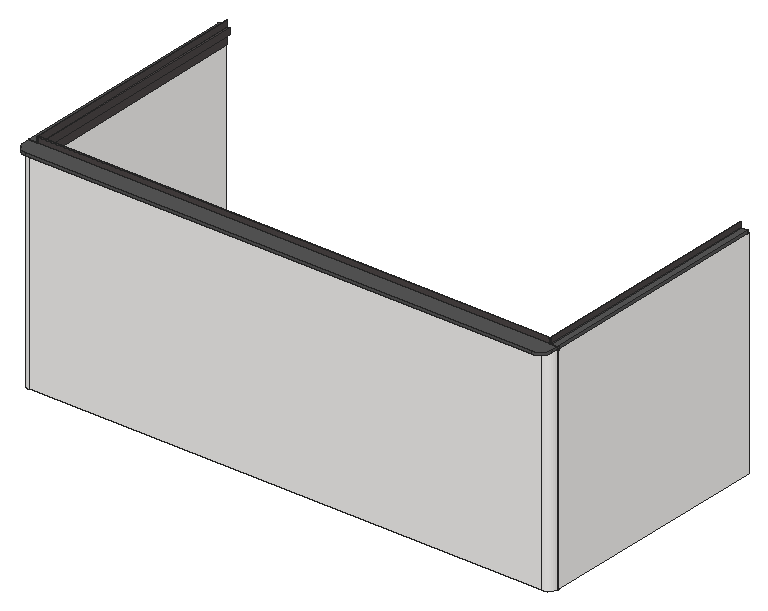
Revit family "vanity unit with 1 drawers for consoles with countertop basin ground", category Furniture, Revit 2019
Family settings
  OmniClass Number = 23.21.19.15.33.13
  Work Plane-Based = No
  Always vertical = Yes
  Cut with Voids When Loaded = No
  Shared = Yes
  Room Calculation Point = No
Parameters (values of type "Vanity unit 1180_550 with 1 drawer for consoles with countertop basin ground-54062670-High Gloss White-MATT_BLACK-400")
  etim7_EC011381 = "EC011381"
  WEIGHT = "34.3"
  Vanity unit 980_550 with 1 drawer for consoles with countertop basin ground-54061700-Dark Walnut-MATT_WHITE-400_RX0RY0RZ0TX0TY0TZ0_V = no
  Vanity unit 980_550 with 1 drawer for consoles with countertop basin ground-54061700-Dark Walnut-MATT_WHITE-200_RX0RY0RZ0TX0TY0TZ0_V = no
  Vanity unit 980_550 with 1 drawer for consoles with countertop basin ground-54061670-Dark Walnut-MATT_BLACK-400_RX0RY0RZ0TX0TY0TZ0_V = no
  Vanity unit 980_550 with 1 drawer for consoles with countertop basin ground-54061670-Dark Walnut-MATT_BLACK-200_RX0RY0RZ0TX0TY0TZ0_V = no
  Vanity unit 980_550 with 1 drawer for consoles with countertop basin ground-54061000-Dark Walnut-CHROME-400_RX0RY0RZ0TX0TY0TZ0_V = no
  Vanity unit 980_550 with 1 drawer for consoles with countertop basin ground-54061000-Dark Walnut-CHROME-200_RX0RY0RZ0TX0TY0TZ0_V = no
  Vanity unit 980_550 with 1 drawer for consoles with countertop basin ground-54060700-Natural Oak-MATT_WHITE-400_RX0RY0RZ0TX0TY0TZ0_V = no
  Vanity unit 980_550 with 1 drawer for consoles with countertop basin ground-54060700-Natural Oak-MATT_WHITE-200_RX0RY0RZ0TX0TY0TZ0_V = no
  Vanity unit 980_550 with 1 drawer for consoles with countertop basin ground-54060670-Natural Oak-MATT_BLACK-400_RX0RY0RZ0TX0TY0TZ0_V = no
  Vanity unit 980_550 with 1 drawer for consoles with countertop basin ground-54060670-Natural Oak-MATT_BLACK-200_RX0RY0RZ0TX0TY0TZ0_V = no
  Vanity unit 980_550 with 1 drawer for consoles with countertop basin ground-54060000-Natural Oak-CHROME-400_RX0RY0RZ0TX0TY0TZ0_V = no
  Vanity unit 980_550 with 1 drawer for consoles with countertop basin ground-54060000-Natural Oak-CHROME-200_RX0RY0RZ0TX0TY0TZ0_V = no
  Vanity unit 980_550 with 1 drawer for consoles with countertop basin ground-54059700-Diamond Matt Grey-MATT_WHITE-400_RX0RY0RZ0TX0TY0TZ0_V = no
  Vanity unit 980_550 with 1 drawer for consoles with countertop basin ground-54059700-Diamond Matt Grey-MATT_WHITE-200_RX0RY0RZ0TX0TY0TZ0_V = no
  Vanity unit 980_550 with 1 drawer for consoles with countertop basin ground-54059670-Diamond Matt Grey-MATT_BLACK-400_RX0RY0RZ0TX0TY0TZ0_V = no
  Vanity unit 980_550 with 1 drawer for consoles with countertop basin ground-54059670-Diamond Matt Grey-MATT_BLACK-200_RX0RY0RZ0TX0TY0TZ0_V = no
  Vanity unit 980_550 with 1 drawer for consoles with countertop basin ground-54059000-Diamond Matt Grey-CHROME-400_RX0RY0RZ0TX0TY0TZ0_V = no
  Vanity unit 980_550 with 1 drawer for consoles with countertop basin ground-54059000-Diamond Matt Grey-CHROME-200_RX0RY0RZ0TX0TY0TZ0_V = no
  Vanity unit 980_550 with 1 drawer for consoles with countertop basin ground-54058700-High Gloss White-MATT_WHITE-400_RX0RY0RZ0TX0TY0TZ0_V = no
  Vanity unit 980_550 with 1 drawer for consoles with countertop basin ground-54058700-High Gloss White-MATT_WHITE-200_RX0RY0RZ0TX0TY0TZ0_V = no
  Vanity unit 980_550 with 1 drawer for consoles with countertop basin ground-54058670-High Gloss White-MATT_BLACK-400_RX0RY0RZ0TX0TY0TZ0_V = no
  Vanity unit 980_550 with 1 drawer for consoles with countertop basin ground-54058670-High Gloss White-MATT_BLACK-200_RX0RY0RZ0TX0TY0TZ0_V = no
  Vanity unit 980_550 with 1 drawer for consoles with countertop basin ground-54058000-High Gloss White-CHROME-400_RX0RY0RZ0TX0TY0TZ0_V = no
  Vanity unit 980_550 with 1 drawer for consoles with countertop basin ground-54058000-High Gloss White-CHROME-200_RX0RY0RZ0TX0TY0TZ0_V = no
  Vanity unit 780_550 with 1 drawer for consoles with countertop basin ground-54057700-Dark Walnut-MATT_WHITE-400_RX0RY0RZ0TX0TY0TZ0_V = no
  Vanity unit 780_550 with 1 drawer for consoles with countertop basin ground-54057700-Dark Walnut-MATT_WHITE-200_RX0RY0RZ0TX0TY0TZ0_V = no
  Vanity unit 780_550 with 1 drawer for consoles with countertop basin ground-54057670-Dark Walnut-MATT_BLACK-400_RX0RY0RZ0TX0TY0TZ0_V = no
  Vanity unit 780_550 with 1 drawer for consoles with countertop basin ground-54057670-Dark Walnut-MATT_BLACK-200_RX0RY0RZ0TX0TY0TZ0_V = no
  Vanity unit 780_550 with 1 drawer for consoles with countertop basin ground-54057000-Dark Walnut-CHROME-400_RX0RY0RZ0TX0TY0TZ0_V = no
  Vanity unit 780_550 with 1 drawer for consoles with countertop basin ground-54057000-Dark Walnut-CHROME-200_RX0RY0RZ0TX0TY0TZ0_V = no
  Vanity unit 780_550 with 1 drawer for consoles with countertop basin ground-54056700-Natural Oak-MATT_WHITE-400_RX0RY0RZ0TX0TY0TZ0_V = no
  Vanity unit 780_550 with 1 drawer for consoles with countertop basin ground-54056700-Natural Oak-MATT_WHITE-200_RX0RY0RZ0TX0TY0TZ0_V = no
  Vanity unit 780_550 with 1 drawer for consoles with countertop basin ground-54056670-Natural Oak-MATT_BLACK-400_RX0RY0RZ0TX0TY0TZ0_V = no
  Vanity unit 780_550 with 1 drawer for consoles with countertop basin ground-54056670-Natural Oak-MATT_BLACK-200_RX0RY0RZ0TX0TY0TZ0_V = no
  Vanity unit 780_550 with 1 drawer for consoles with countertop basin ground-54056000-Natural Oak-CHROME-400_RX0RY0RZ0TX0TY0TZ0_V = no
  Vanity unit 780_550 with 1 drawer for consoles with countertop basin ground-54056000-Natural Oak-CHROME-200_RX0RY0RZ0TX0TY0TZ0_V = no
  Vanity unit 780_550 with 1 drawer for consoles with countertop basin ground-54055700-Diamond Matt Grey-MATT_WHITE-400_RX0RY0RZ0TX0TY0TZ0_V = no
  Vanity unit 780_550 with 1 drawer for consoles with countertop basin ground-54055700-Diamond Matt Grey-MATT_WHITE-200_RX0RY0RZ0TX0TY0TZ0_V = no
  Vanity unit 780_550 with 1 drawer for consoles with countertop basin ground-54055670-Diamond Matt Grey-MATT_BLACK-400_RX0RY0RZ0TX0TY0TZ0_V = no
  Vanity unit 780_550 with 1 drawer for consoles with countertop basin ground-54055670-Diamond Matt Grey-MATT_BLACK-200_RX0RY0RZ0TX0TY0TZ0_V = no
  Vanity unit 780_550 with 1 drawer for consoles with countertop basin ground-54055000-Diamond Matt Grey-CHROME-400_RX0RY0RZ0TX0TY0TZ0_V = no
  Vanity unit 780_550 with 1 drawer for consoles with countertop basin ground-54055000-Diamond Matt Grey-CHROME-200_RX0RY0RZ0TX0TY0TZ0_V = no
  Vanity unit 780_550 with 1 drawer for consoles with countertop basin ground-54054700-High Gloss White-MATT_WHITE-400_RX0RY0RZ0TX0TY0TZ0_V = no
  Vanity unit 780_550 with 1 drawer for consoles with countertop basin ground-54054700-High Gloss White-MATT_WHITE-200_RX0RY0RZ0TX0TY0TZ0_V = no
  Vanity unit 780_550 with 1 drawer for consoles with countertop basin ground-54054670-High Gloss White-MATT_BLACK-400_RX0RY0RZ0TX0TY0TZ0_V = no
  Vanity unit 780_550 with 1 drawer for consoles with countertop basin ground-54054670-High Gloss White-MATT_BLACK-200_RX0RY0RZ0TX0TY0TZ0_V = no
  Vanity unit 780_550 with 1 drawer for consoles with countertop basin ground-54054000-High Gloss White-CHROME-400_RX0RY0RZ0TX0TY0TZ0_V = no
  Vanity unit 780_550 with 1 drawer for consoles with countertop basin ground-54054000-High Gloss White-CHROME-200_RX0RY0RZ0TX0TY0TZ0_V = no
  Vanity unit 1180_550 with 1 drawer for consoles with countertop basin ground-54065700-Dark Walnut-MATT_WHITE-400_RX0RY0RZ0TX0TY0TZ0_V = no
  Vanity unit 1180_550 with 1 drawer for consoles with countertop basin ground-54065700-Dark Walnut-MATT_WHITE-200_RX0RY0RZ0TX0TY0TZ0_V = no
  Vanity unit 1180_550 with 1 drawer for consoles with countertop basin ground-54065670-Dark Walnut-MATT_BLACK-400_RX0RY0RZ0TX0TY0TZ0_V = no
  Vanity unit 1180_550 with 1 drawer for consoles with countertop basin ground-54065670-Dark Walnut-MATT_BLACK-200_RX0RY0RZ0TX0TY0TZ0_V = no
  Vanity unit 1180_550 with 1 drawer for consoles with countertop basin ground-54065000-Dark Walnut-CHROME-400_RX0RY0RZ0TX0TY0TZ0_V = no
  Vanity unit 1180_550 with 1 drawer for consoles with countertop basin ground-54065000-Dark Walnut-CHROME-200_RX0RY0RZ0TX0TY0TZ0_V = no
  Vanity unit 1180_550 with 1 drawer for consoles with countertop basin ground-54064700-Natural Oak-MATT_WHITE-400_RX0RY0RZ0TX0TY0TZ0_V = no
  Vanity unit 1180_550 with 1 drawer for consoles with countertop basin ground-54064700-Natural Oak-MATT_WHITE-200_RX0RY0RZ0TX0TY0TZ0_V = no
  Vanity unit 1180_550 with 1 drawer for consoles with countertop basin ground-54064670-Natural Oak-MATT_BLACK-400_RX0RY0RZ0TX0TY0TZ0_V = no
  Vanity unit 1180_550 with 1 drawer for consoles with countertop basin ground-54064670-Natural Oak-MATT_BLACK-200_RX0RY0RZ0TX0TY0TZ0_V = no
  Vanity unit 1180_550 with 1 drawer for consoles with countertop basin ground-54064000-Natural Oak-CHROME-400_RX0RY0RZ0TX0TY0TZ0_V = no
  Vanity unit 1180_550 with 1 drawer for consoles with countertop basin ground-54064000-Natural Oak-CHROME-200_RX0RY0RZ0TX0TY0TZ0_V = no
  Vanity unit 1180_550 with 1 drawer for consoles with countertop basin ground-54063700-Diamond Matt Grey-MATT_WHITE-400_RX0RY0RZ0TX0TY0TZ0_V = no
  Vanity unit 1180_550 with 1 drawer for consoles with countertop basin ground-54063700-Diamond Matt Grey-MATT_WHITE-200_RX0RY0RZ0TX0TY0TZ0_V = no
  Vanity unit 1180_550 with 1 drawer for consoles with countertop basin ground-54063670-Diamond Matt Grey-MATT_BLACK-400_RX0RY0RZ0TX0TY0TZ0_V = no
  Vanity unit 1180_550 with 1 drawer for consoles with countertop basin ground-54063670-Diamond Matt Grey-MATT_BLACK-200_RX0RY0RZ0TX0TY0TZ0_V = no
  Vanity unit 1180_550 with 1 drawer for consoles with countertop basin ground-54063000-Diamond Matt Grey-CHROME-400_RX0RY0RZ0TX0TY0TZ0_V = no
  Vanity unit 1180_550 with 1 drawer for consoles with countertop basin ground-54063000-Diamond Matt Grey-CHROME-200_RX0RY0RZ0TX0TY0TZ0_V = no
  Vanity unit 1180_550 with 1 drawer for consoles with countertop basin ground-54062700-High Gloss White-MATT_WHITE-400_RX0RY0RZ0TX0TY0TZ0_V = no
  Vanity unit 1180_550 with 1 drawer for consoles with countertop basin ground-54062700-High Gloss White-MATT_WHITE-200_RX0RY0RZ0TX0TY0TZ0_V = no
  Vanity unit 1180_550 with 1 drawer for consoles with countertop basin ground-54062670-High Gloss White-MATT_BLACK-400_RX0RY0RZ0TX0TY0TZ0_V = yes
  Vanity unit 1180_550 with 1 drawer for consoles with countertop basin ground-54062670-High Gloss White-MATT_BLACK-200_RX0RY0RZ0TX0TY0TZ0_V = no
  Vanity unit 1180_550 with 1 drawer for consoles with countertop basin ground-54062000-High Gloss White-CHROME-400_RX0RY0RZ0TX0TY0TZ0_V = no
  Vanity unit 1180_550 with 1 drawer for consoles with countertop basin ground-54062000-High Gloss White-CHROME-200_RX0RY0RZ0TX0TY0TZ0_V = no
  UNSPSC = "56 | Furniture and Furnishings"
  UNIFORMATII = "E2010 | Fixed Furnishings"
  UNICLASS_2015_CODE = "40_30_78_05"
  UNICLASS2015 = "Pr_40_30_78_05 | Bathroom furniture"
  SURFACE = "MATT_BLACK"
  SPECIFICATION = ""
  REGIONSET = "Worldwide"
  PRODUCTURL = "https://pro.hansgrohe.com/articledetail--54062000"
  PRODUCTGROUP = "vanity unit"
  PRODUCTFAMILY = "Xelu Q"
  PERMALINK = "54062XXX"
  OMNICLASS = "23-21 19 15 33 13 | Residential Bathroom Specialty Casework"
  OBJECTTYPE = "Object (single object)"
  OBERFLAECHE = "High Gloss White"
  NN = "Vanity Unit with 1 Drawers for consoles with countertop basin ground"
  NBSYN = "$BASENUMBER.-$ARTNR.-$OBERFLAECHE.-$SURFACE.-$LODLEVEL."
  NB = "Vanity unit 1180/550 with 1 drawer for consoles with countertop basin ground-54062670-High Gloss White-MATT_BLACK-400"
  NAME = "Xelu Q Vanity unit High Gloss White 1180/550 with 1 drawer for consoles with countertop basin ground"
  Model = "Vanity unit 1180/550 with 1 drawer for consoles with countertop basin ground-54062670-High Gloss White-MATT_BLACK-400"
  Manufacturer = "Hansgrohe"
  MIdent = "{$CADENAS_DATA/23d-libs/hansgrohe/xelu_furniture/vanity_unit_with_1_drawer_for_consoles_countertop/vanityunit_1_drawers_for_consoles_countertop.prj},445 {VTYP=3D},{NB=Vanity unit 1180/550 with 1 drawer for consoles with countertop basin ground-54062670-High Gloss White-MATT_BLACK-400},{LINA=Vanity unit 1180/550 with 1 drawer for consoles with countertop basin ground-54062670-High Gloss White-MATT_BLACK-400},{NN=Vanity Unit with 1 Drawers for consoles with countertop basin ground},{DATE=13.03.2023 03:04:52},{GEOMDATE=08.03.2023 14:00:04},{VERSION=},{LINEID=250},{WBVAR=LODLEVEL},{WBNUMERIC=}  {NB=Vanity unit 1180/550 with 1 drawer for consoles with countertop basin ground-54062670-High Gloss White-MATT_BLACK-400},{LINA=Vanity unit 1180/550 with 1 drawer for consoles with countertop basin ground-54062670-High Gloss White-MATT_BLACK-400},{KT=DUMMY},{IDNR=25},{ARTNR=54062670},{BASENUMBER=Vanity unit 1180/550 with 1 drawer for consoles with countertop basin ground},{MODEL=54062XXX},{OBERFLAECHE=High Gloss White},{SURFACE=MATT_BLACK},{L=1180},{LODLEVEL=400},{LODLEVELX='400','400','200','200'},{NAME=Xelu Q Vanity unit High Gloss White 1180/550 with 1 drawer for consoles with countertop basin ground},{PERMALINK=54062XXX},{OBJECTTYPE=Object (single object)},{BIMOBJECT=Sanitary: Compound units},{PRODUCTFAMILY=Xelu Q},{PRODUCTGROUP=vanity unit},{WEIGHT=34.3},{DESCRIPTION=Xelu Q Vanity unit High Gloss White 1180/550 with 1 drawer for consoles with countertop basin ground},{SPECIFICATION=},{PRODUCTURL=https://pro.hansgrohe.com/articledetail--54062000},{GTINCODE=4059625456095},{TENDERURL=},{IFC=Furnishing element},{ETIM=EC011381 | Bathroom furniture set},{UNICLASS2015=Pr_40_30_78_05 | Bathroom furniture},{OMNICLASS=23-21 19 15 33 13 | Residential Bathroom Specialty Casework},{MASTERFORMAT=12 35 30.23 | Bathroom Casework},{UNSPSC=56 | Furniture and Furnishings},{UNIFORMATII=E2010 | Fixed Furnishings},{REGIONSET=Worldwide},{DESIGN=Germany},{MANUFACTURER=Germany}"
  MASTERFORMAT = "12 35 30.23 | Bathroom Casework"
  LODLEVEL = "400"
  LINA = "Vanity unit 1180/550 with 1 drawer for consoles with countertop basin ground-54062670-High Gloss White-MATT_BLACK-400"
  L = 1180
  IFC = "Furnishing element"
  GTINCODE = "4059625456095"
  ETIM = "EC011381 | Bathroom furniture set"
  DESIGN = "Germany"
  CATALOG = "Hansgrohe"
  BIMOBJECT = "Sanitary: Compound units"
  BASENUMBER = "Vanity unit 1180/550 with 1 drawer for consoles with countertop basin ground"
  ARTNR = "54062670"
Reference planes
  plane 1 "Center (Front/Back)": y = 0
  plane 2: z = 0
  plane 3 "Center (Left/Right)": x = 0
Dimensions and locks
  aligned and locked: level to plane 2
Nested families
  nested 1: "vanity unit 1180_550 with 1 drawer for consoles with countertop basin ground-54062000-high gloss white-chrome-200_conten" at (0, 0, 0), visible <- "Vanity unit 1180_550 with 1 drawer for consoles with countertop basin ground-54062000-High Gloss White-CHROME-200_RX0RY0RZ0TX0TY0TZ0_V", ContentVisible <- "Vanity unit 1180_550 with 1 drawer for consoles with countertop basin ground-54062000-High Gloss White-CHROME-200_RX0RY0RZ0TX0TY0TZ0_V", type ""
    with ContentVisible no
  nested 2: "vanity unit 1180_550 with 1 drawer for consoles with countertop basin ground-54062000-high gloss white-chrome-400_conten" at (0, 0, 0), visible <- "Vanity unit 1180_550 with 1 drawer for consoles with countertop basin ground-54062000-High Gloss White-CHROME-400_RX0RY0RZ0TX0TY0TZ0_V", ContentVisible <- "Vanity unit 1180_550 with 1 drawer for consoles with countertop basin ground-54062000-High Gloss White-CHROME-400_RX0RY0RZ0TX0TY0TZ0_V", type ""
    with ContentVisible no
  nested 3: "vanity unit 1180_550 with 1 drawer for consoles with countertop basin ground-54062670-high gloss white-matt_black-200_co" at (0, 0, 0), visible <- "Vanity unit 1180_550 with 1 drawer for consoles with countertop basin ground-54062670-High Gloss White-MATT_BLACK-200_RX0RY0RZ0TX0TY0TZ0_V", ContentVisible <- "Vanity unit 1180_550 with 1 drawer for consoles with countertop basin ground-54062670-High Gloss White-MATT_BLACK-200_RX0RY0RZ0TX0TY0TZ0_V", type ""
    with ContentVisible no
  nested 4: "vanity unit 1180_550 with 1 drawer for consoles with countertop basin ground-54062670-high gloss white-matt_black-400_co" at (0, 0, 0), visible <- "Vanity unit 1180_550 with 1 drawer for consoles with countertop basin ground-54062670-High Gloss White-MATT_BLACK-400_RX0RY0RZ0TX0TY0TZ0_V", ContentVisible <- "Vanity unit 1180_550 with 1 drawer for consoles with countertop basin ground-54062670-High Gloss White-MATT_BLACK-400_RX0RY0RZ0TX0TY0TZ0_V", type "Vanity unit 1180_550 with 1 drawer for consoles with countertop basin ground-54062670-High Gloss White-MATT_BLACK-400_Co"
    with ContentVisible yes
  nested 5: "vanity unit 1180_550 with 1 drawer for consoles with countertop basin ground-54062700-high gloss white-matt_white-200_co" at (0, 0, 0), visible <- "Vanity unit 1180_550 with 1 drawer for consoles with countertop basin ground-54062700-High Gloss White-MATT_WHITE-200_RX0RY0RZ0TX0TY0TZ0_V", ContentVisible <- "Vanity unit 1180_550 with 1 drawer for consoles with countertop basin ground-54062700-High Gloss White-MATT_WHITE-200_RX0RY0RZ0TX0TY0TZ0_V", type ""
    with ContentVisible no
  nested 6: "vanity unit 1180_550 with 1 drawer for consoles with countertop basin ground-54062700-high gloss white-matt_white-400_co" at (0, 0, 0), visible <- "Vanity unit 1180_550 with 1 drawer for consoles with countertop basin ground-54062700-High Gloss White-MATT_WHITE-400_RX0RY0RZ0TX0TY0TZ0_V", ContentVisible <- "Vanity unit 1180_550 with 1 drawer for consoles with countertop basin ground-54062700-High Gloss White-MATT_WHITE-400_RX0RY0RZ0TX0TY0TZ0_V", type ""
    with ContentVisible no
  nested 7: "vanity unit 1180_550 with 1 drawer for consoles with countertop basin ground-54063000-diamond matt grey-chrome-200_conte" at (0, 0, 0), visible <- "Vanity unit 1180_550 with 1 drawer for consoles with countertop basin ground-54063000-Diamond Matt Grey-CHROME-200_RX0RY0RZ0TX0TY0TZ0_V", ContentVisible <- "Vanity unit 1180_550 with 1 drawer for consoles with countertop basin ground-54063000-Diamond Matt Grey-CHROME-200_RX0RY0RZ0TX0TY0TZ0_V", type ""
    with ContentVisible no
  nested 8: "vanity unit 1180_550 with 1 drawer for consoles with countertop basin ground-54063000-diamond matt grey-chrome-400_conte" at (0, 0, 0), visible <- "Vanity unit 1180_550 with 1 drawer for consoles with countertop basin ground-54063000-Diamond Matt Grey-CHROME-400_RX0RY0RZ0TX0TY0TZ0_V", ContentVisible <- "Vanity unit 1180_550 with 1 drawer for consoles with countertop basin ground-54063000-Diamond Matt Grey-CHROME-400_RX0RY0RZ0TX0TY0TZ0_V", type ""
    with ContentVisible no
  nested 9: "vanity unit 1180_550 with 1 drawer for consoles with countertop basin ground-54063670-diamond matt grey-matt_black-200_c" at (0, 0, 0), visible <- "Vanity unit 1180_550 with 1 drawer for consoles with countertop basin ground-54063670-Diamond Matt Grey-MATT_BLACK-200_RX0RY0RZ0TX0TY0TZ0_V", ContentVisible <- "Vanity unit 1180_550 with 1 drawer for consoles with countertop basin ground-54063670-Diamond Matt Grey-MATT_BLACK-200_RX0RY0RZ0TX0TY0TZ0_V", type ""
    with ContentVisible no
  nested 10: "vanity unit 1180_550 with 1 drawer for consoles with countertop basin ground-54063670-diamond matt grey-matt_black-400_c" at (0, 0, 0), visible <- "Vanity unit 1180_550 with 1 drawer for consoles with countertop basin ground-54063670-Diamond Matt Grey-MATT_BLACK-400_RX0RY0RZ0TX0TY0TZ0_V", ContentVisible <- "Vanity unit 1180_550 with 1 drawer for consoles with countertop basin ground-54063670-Diamond Matt Grey-MATT_BLACK-400_RX0RY0RZ0TX0TY0TZ0_V", type ""
    with ContentVisible no
  nested 11: "vanity unit 1180_550 with 1 drawer for consoles with countertop basin ground-54063700-diamond matt grey-matt_white-200_c" at (0, 0, 0), visible <- "Vanity unit 1180_550 with 1 drawer for consoles with countertop basin ground-54063700-Diamond Matt Grey-MATT_WHITE-200_RX0RY0RZ0TX0TY0TZ0_V", ContentVisible <- "Vanity unit 1180_550 with 1 drawer for consoles with countertop basin ground-54063700-Diamond Matt Grey-MATT_WHITE-200_RX0RY0RZ0TX0TY0TZ0_V", type ""
    with ContentVisible no
  nested 12: "vanity unit 1180_550 with 1 drawer for consoles with countertop basin ground-54063700-diamond matt grey-matt_white-400_c" at (0, 0, 0), visible <- "Vanity unit 1180_550 with 1 drawer for consoles with countertop basin ground-54063700-Diamond Matt Grey-MATT_WHITE-400_RX0RY0RZ0TX0TY0TZ0_V", ContentVisible <- "Vanity unit 1180_550 with 1 drawer for consoles with countertop basin ground-54063700-Diamond Matt Grey-MATT_WHITE-400_RX0RY0RZ0TX0TY0TZ0_V", type ""
    with ContentVisible no
  nested 13: "vanity unit 1180_550 with 1 drawer for consoles with countertop basin ground-54064000-natural oak-chrome-200_content" at (0, 0, 0), visible <- "Vanity unit 1180_550 with 1 drawer for consoles with countertop basin ground-54064000-Natural Oak-CHROME-200_RX0RY0RZ0TX0TY0TZ0_V", ContentVisible <- "Vanity unit 1180_550 with 1 drawer for consoles with countertop basin ground-54064000-Natural Oak-CHROME-200_RX0RY0RZ0TX0TY0TZ0_V", type ""
    with ContentVisible no
  nested 14: "vanity unit 1180_550 with 1 drawer for consoles with countertop basin ground-54064000-natural oak-chrome-400_content" at (0, 0, 0), visible <- "Vanity unit 1180_550 with 1 drawer for consoles with countertop basin ground-54064000-Natural Oak-CHROME-400_RX0RY0RZ0TX0TY0TZ0_V", ContentVisible <- "Vanity unit 1180_550 with 1 drawer for consoles with countertop basin ground-54064000-Natural Oak-CHROME-400_RX0RY0RZ0TX0TY0TZ0_V", type ""
    with ContentVisible no
  nested 15: "vanity unit 1180_550 with 1 drawer for consoles with countertop basin ground-54064670-natural oak-matt_black-200_content" at (0, 0, 0), visible <- "Vanity unit 1180_550 with 1 drawer for consoles with countertop basin ground-54064670-Natural Oak-MATT_BLACK-200_RX0RY0RZ0TX0TY0TZ0_V", ContentVisible <- "Vanity unit 1180_550 with 1 drawer for consoles with countertop basin ground-54064670-Natural Oak-MATT_BLACK-200_RX0RY0RZ0TX0TY0TZ0_V", type ""
    with ContentVisible no
  nested 16: "vanity unit 1180_550 with 1 drawer for consoles with countertop basin ground-54064670-natural oak-matt_black-400_content" at (0, 0, 0), visible <- "Vanity unit 1180_550 with 1 drawer for consoles with countertop basin ground-54064670-Natural Oak-MATT_BLACK-400_RX0RY0RZ0TX0TY0TZ0_V", ContentVisible <- "Vanity unit 1180_550 with 1 drawer for consoles with countertop basin ground-54064670-Natural Oak-MATT_BLACK-400_RX0RY0RZ0TX0TY0TZ0_V", type ""
    with ContentVisible no
  nested 17: "vanity unit 1180_550 with 1 drawer for consoles with countertop basin ground-54064700-natural oak-matt_white-200_content" at (0, 0, 0), visible <- "Vanity unit 1180_550 with 1 drawer for consoles with countertop basin ground-54064700-Natural Oak-MATT_WHITE-200_RX0RY0RZ0TX0TY0TZ0_V", ContentVisible <- "Vanity unit 1180_550 with 1 drawer for consoles with countertop basin ground-54064700-Natural Oak-MATT_WHITE-200_RX0RY0RZ0TX0TY0TZ0_V", type ""
    with ContentVisible no
  nested 18: "vanity unit 1180_550 with 1 drawer for consoles with countertop basin ground-54064700-natural oak-matt_white-400_content" at (0, 0, 0), visible <- "Vanity unit 1180_550 with 1 drawer for consoles with countertop basin ground-54064700-Natural Oak-MATT_WHITE-400_RX0RY0RZ0TX0TY0TZ0_V", ContentVisible <- "Vanity unit 1180_550 with 1 drawer for consoles with countertop basin ground-54064700-Natural Oak-MATT_WHITE-400_RX0RY0RZ0TX0TY0TZ0_V", type ""
    with ContentVisible no
  nested 19: "vanity unit 1180_550 with 1 drawer for consoles with countertop basin ground-54065000-dark walnut-chrome-200_content" at (0, 0, 0), visible <- "Vanity unit 1180_550 with 1 drawer for consoles with countertop basin ground-54065000-Dark Walnut-CHROME-200_RX0RY0RZ0TX0TY0TZ0_V", ContentVisible <- "Vanity unit 1180_550 with 1 drawer for consoles with countertop basin ground-54065000-Dark Walnut-CHROME-200_RX0RY0RZ0TX0TY0TZ0_V", type ""
    with ContentVisible no
  nested 20: "vanity unit 1180_550 with 1 drawer for consoles with countertop basin ground-54065000-dark walnut-chrome-400_content" at (0, 0, 0), visible <- "Vanity unit 1180_550 with 1 drawer for consoles with countertop basin ground-54065000-Dark Walnut-CHROME-400_RX0RY0RZ0TX0TY0TZ0_V", ContentVisible <- "Vanity unit 1180_550 with 1 drawer for consoles with countertop basin ground-54065000-Dark Walnut-CHROME-400_RX0RY0RZ0TX0TY0TZ0_V", type ""
    with ContentVisible no
  nested 21: "vanity unit 1180_550 with 1 drawer for consoles with countertop basin ground-54065670-dark walnut-matt_black-200_content" at (0, 0, 0), visible <- "Vanity unit 1180_550 with 1 drawer for consoles with countertop basin ground-54065670-Dark Walnut-MATT_BLACK-200_RX0RY0RZ0TX0TY0TZ0_V", ContentVisible <- "Vanity unit 1180_550 with 1 drawer for consoles with countertop basin ground-54065670-Dark Walnut-MATT_BLACK-200_RX0RY0RZ0TX0TY0TZ0_V", type ""
    with ContentVisible no
  nested 22: "vanity unit 1180_550 with 1 drawer for consoles with countertop basin ground-54065670-dark walnut-matt_black-400_content" at (0, 0, 0), visible <- "Vanity unit 1180_550 with 1 drawer for consoles with countertop basin ground-54065670-Dark Walnut-MATT_BLACK-400_RX0RY0RZ0TX0TY0TZ0_V", ContentVisible <- "Vanity unit 1180_550 with 1 drawer for consoles with countertop basin ground-54065670-Dark Walnut-MATT_BLACK-400_RX0RY0RZ0TX0TY0TZ0_V", type ""
    with ContentVisible no
  nested 23: "vanity unit 1180_550 with 1 drawer for consoles with countertop basin ground-54065700-dark walnut-matt_white-200_content" at (0, 0, 0), visible <- "Vanity unit 1180_550 with 1 drawer for consoles with countertop basin ground-54065700-Dark Walnut-MATT_WHITE-200_RX0RY0RZ0TX0TY0TZ0_V", ContentVisible <- "Vanity unit 1180_550 with 1 drawer for consoles with countertop basin ground-54065700-Dark Walnut-MATT_WHITE-200_RX0RY0RZ0TX0TY0TZ0_V", type ""
    with ContentVisible no
  nested 24: "vanity unit 1180_550 with 1 drawer for consoles with countertop basin ground-54065700-dark walnut-matt_white-400_content" at (0, 0, 0), visible <- "Vanity unit 1180_550 with 1 drawer for consoles with countertop basin ground-54065700-Dark Walnut-MATT_WHITE-400_RX0RY0RZ0TX0TY0TZ0_V", ContentVisible <- "Vanity unit 1180_550 with 1 drawer for consoles with countertop basin ground-54065700-Dark Walnut-MATT_WHITE-400_RX0RY0RZ0TX0TY0TZ0_V", type ""
    with ContentVisible no
  nested 25: "vanity unit 780_550 with 1 drawer for consoles with countertop basin ground-54054000-high gloss white-chrome-200_content" at (0, 0, 0), visible <- "Vanity unit 780_550 with 1 drawer for consoles with countertop basin ground-54054000-High Gloss White-CHROME-200_RX0RY0RZ0TX0TY0TZ0_V", ContentVisible <- "Vanity unit 780_550 with 1 drawer for consoles with countertop basin ground-54054000-High Gloss White-CHROME-200_RX0RY0RZ0TX0TY0TZ0_V", type ""
    with ContentVisible no
  nested 26: "vanity unit 780_550 with 1 drawer for consoles with countertop basin ground-54054000-high gloss white-chrome-400_content" at (0, 0, 0), visible <- "Vanity unit 780_550 with 1 drawer for consoles with countertop basin ground-54054000-High Gloss White-CHROME-400_RX0RY0RZ0TX0TY0TZ0_V", ContentVisible <- "Vanity unit 780_550 with 1 drawer for consoles with countertop basin ground-54054000-High Gloss White-CHROME-400_RX0RY0RZ0TX0TY0TZ0_V", type ""
    with ContentVisible no
  nested 27: "vanity unit 780_550 with 1 drawer for consoles with countertop basin ground-54054670-high gloss white-matt_black-200_con" at (0, 0, 0), visible <- "Vanity unit 780_550 with 1 drawer for consoles with countertop basin ground-54054670-High Gloss White-MATT_BLACK-200_RX0RY0RZ0TX0TY0TZ0_V", ContentVisible <- "Vanity unit 780_550 with 1 drawer for consoles with countertop basin ground-54054670-High Gloss White-MATT_BLACK-200_RX0RY0RZ0TX0TY0TZ0_V", type ""
    with ContentVisible no
  nested 28: "vanity unit 780_550 with 1 drawer for consoles with countertop basin ground-54054670-high gloss white-matt_black-400_con" at (0, 0, 0), visible <- "Vanity unit 780_550 with 1 drawer for consoles with countertop basin ground-54054670-High Gloss White-MATT_BLACK-400_RX0RY0RZ0TX0TY0TZ0_V", ContentVisible <- "Vanity unit 780_550 with 1 drawer for consoles with countertop basin ground-54054670-High Gloss White-MATT_BLACK-400_RX0RY0RZ0TX0TY0TZ0_V", type ""
    with ContentVisible no
  nested 29: "vanity unit 780_550 with 1 drawer for consoles with countertop basin ground-54054700-high gloss white-matt_white-200_con" at (0, 0, 0), visible <- "Vanity unit 780_550 with 1 drawer for consoles with countertop basin ground-54054700-High Gloss White-MATT_WHITE-200_RX0RY0RZ0TX0TY0TZ0_V", ContentVisible <- "Vanity unit 780_550 with 1 drawer for consoles with countertop basin ground-54054700-High Gloss White-MATT_WHITE-200_RX0RY0RZ0TX0TY0TZ0_V", type ""
    with ContentVisible no
  nested 30: "vanity unit 780_550 with 1 drawer for consoles with countertop basin ground-54054700-high gloss white-matt_white-400_con" at (0, 0, 0), visible <- "Vanity unit 780_550 with 1 drawer for consoles with countertop basin ground-54054700-High Gloss White-MATT_WHITE-400_RX0RY0RZ0TX0TY0TZ0_V", ContentVisible <- "Vanity unit 780_550 with 1 drawer for consoles with countertop basin ground-54054700-High Gloss White-MATT_WHITE-400_RX0RY0RZ0TX0TY0TZ0_V", type ""
    with ContentVisible no
  nested 31: "vanity unit 780_550 with 1 drawer for consoles with countertop basin ground-54055000-diamond matt grey-chrome-200_conten" at (0, 0, 0), visible <- "Vanity unit 780_550 with 1 drawer for consoles with countertop basin ground-54055000-Diamond Matt Grey-CHROME-200_RX0RY0RZ0TX0TY0TZ0_V", ContentVisible <- "Vanity unit 780_550 with 1 drawer for consoles with countertop basin ground-54055000-Diamond Matt Grey-CHROME-200_RX0RY0RZ0TX0TY0TZ0_V", type ""
    with ContentVisible no
  nested 32: "vanity unit 780_550 with 1 drawer for consoles with countertop basin ground-54055000-diamond matt grey-chrome-400_conten" at (0, 0, 0), visible <- "Vanity unit 780_550 with 1 drawer for consoles with countertop basin ground-54055000-Diamond Matt Grey-CHROME-400_RX0RY0RZ0TX0TY0TZ0_V", ContentVisible <- "Vanity unit 780_550 with 1 drawer for consoles with countertop basin ground-54055000-Diamond Matt Grey-CHROME-400_RX0RY0RZ0TX0TY0TZ0_V", type ""
    with ContentVisible no
  nested 33: "vanity unit 780_550 with 1 drawer for consoles with countertop basin ground-54055670-diamond matt grey-matt_black-200_co" at (0, 0, 0), visible <- "Vanity unit 780_550 with 1 drawer for consoles with countertop basin ground-54055670-Diamond Matt Grey-MATT_BLACK-200_RX0RY0RZ0TX0TY0TZ0_V", ContentVisible <- "Vanity unit 780_550 with 1 drawer for consoles with countertop basin ground-54055670-Diamond Matt Grey-MATT_BLACK-200_RX0RY0RZ0TX0TY0TZ0_V", type ""
    with ContentVisible no
  nested 34: "vanity unit 780_550 with 1 drawer for consoles with countertop basin ground-54055670-diamond matt grey-matt_black-400_co" at (0, 0, 0), visible <- "Vanity unit 780_550 with 1 drawer for consoles with countertop basin ground-54055670-Diamond Matt Grey-MATT_BLACK-400_RX0RY0RZ0TX0TY0TZ0_V", ContentVisible <- "Vanity unit 780_550 with 1 drawer for consoles with countertop basin ground-54055670-Diamond Matt Grey-MATT_BLACK-400_RX0RY0RZ0TX0TY0TZ0_V", type ""
    with ContentVisible no
  nested 35: "vanity unit 780_550 with 1 drawer for consoles with countertop basin ground-54055700-diamond matt grey-matt_white-200_co" at (0, 0, 0), visible <- "Vanity unit 780_550 with 1 drawer for consoles with countertop basin ground-54055700-Diamond Matt Grey-MATT_WHITE-200_RX0RY0RZ0TX0TY0TZ0_V", ContentVisible <- "Vanity unit 780_550 with 1 drawer for consoles with countertop basin ground-54055700-Diamond Matt Grey-MATT_WHITE-200_RX0RY0RZ0TX0TY0TZ0_V", type ""
    with ContentVisible no
  nested 36: "vanity unit 780_550 with 1 drawer for consoles with countertop basin ground-54055700-diamond matt grey-matt_white-400_co" at (0, 0, 0), visible <- "Vanity unit 780_550 with 1 drawer for consoles with countertop basin ground-54055700-Diamond Matt Grey-MATT_WHITE-400_RX0RY0RZ0TX0TY0TZ0_V", ContentVisible <- "Vanity unit 780_550 with 1 drawer for consoles with countertop basin ground-54055700-Diamond Matt Grey-MATT_WHITE-400_RX0RY0RZ0TX0TY0TZ0_V", type ""
    with ContentVisible no
  nested 37: "vanity unit 780_550 with 1 drawer for consoles with countertop basin ground-54056000-natural oak-chrome-200_content" at (0, 0, 0), visible <- "Vanity unit 780_550 with 1 drawer for consoles with countertop basin ground-54056000-Natural Oak-CHROME-200_RX0RY0RZ0TX0TY0TZ0_V", ContentVisible <- "Vanity unit 780_550 with 1 drawer for consoles with countertop basin ground-54056000-Natural Oak-CHROME-200_RX0RY0RZ0TX0TY0TZ0_V", type ""
    with ContentVisible no
  nested 38: "vanity unit 780_550 with 1 drawer for consoles with countertop basin ground-54056000-natural oak-chrome-400_content" at (0, 0, 0), visible <- "Vanity unit 780_550 with 1 drawer for consoles with countertop basin ground-54056000-Natural Oak-CHROME-400_RX0RY0RZ0TX0TY0TZ0_V", ContentVisible <- "Vanity unit 780_550 with 1 drawer for consoles with countertop basin ground-54056000-Natural Oak-CHROME-400_RX0RY0RZ0TX0TY0TZ0_V", type ""
    with ContentVisible no
  nested 39: "vanity unit 780_550 with 1 drawer for consoles with countertop basin ground-54056670-natural oak-matt_black-200_content" at (0, 0, 0), visible <- "Vanity unit 780_550 with 1 drawer for consoles with countertop basin ground-54056670-Natural Oak-MATT_BLACK-200_RX0RY0RZ0TX0TY0TZ0_V", ContentVisible <- "Vanity unit 780_550 with 1 drawer for consoles with countertop basin ground-54056670-Natural Oak-MATT_BLACK-200_RX0RY0RZ0TX0TY0TZ0_V", type ""
    with ContentVisible no
  nested 40: "vanity unit 780_550 with 1 drawer for consoles with countertop basin ground-54056670-natural oak-matt_black-400_content" at (0, 0, 0), visible <- "Vanity unit 780_550 with 1 drawer for consoles with countertop basin ground-54056670-Natural Oak-MATT_BLACK-400_RX0RY0RZ0TX0TY0TZ0_V", ContentVisible <- "Vanity unit 780_550 with 1 drawer for consoles with countertop basin ground-54056670-Natural Oak-MATT_BLACK-400_RX0RY0RZ0TX0TY0TZ0_V", type ""
    with ContentVisible no
  nested 41: "vanity unit 780_550 with 1 drawer for consoles with countertop basin ground-54056700-natural oak-matt_white-200_content" at (0, 0, 0), visible <- "Vanity unit 780_550 with 1 drawer for consoles with countertop basin ground-54056700-Natural Oak-MATT_WHITE-200_RX0RY0RZ0TX0TY0TZ0_V", ContentVisible <- "Vanity unit 780_550 with 1 drawer for consoles with countertop basin ground-54056700-Natural Oak-MATT_WHITE-200_RX0RY0RZ0TX0TY0TZ0_V", type ""
    with ContentVisible no
  nested 42: "vanity unit 780_550 with 1 drawer for consoles with countertop basin ground-54056700-natural oak-matt_white-400_content" at (0, 0, 0), visible <- "Vanity unit 780_550 with 1 drawer for consoles with countertop basin ground-54056700-Natural Oak-MATT_WHITE-400_RX0RY0RZ0TX0TY0TZ0_V", ContentVisible <- "Vanity unit 780_550 with 1 drawer for consoles with countertop basin ground-54056700-Natural Oak-MATT_WHITE-400_RX0RY0RZ0TX0TY0TZ0_V", type ""
    with ContentVisible no
  nested 43: "vanity unit 780_550 with 1 drawer for consoles with countertop basin ground-54057000-dark walnut-chrome-200_content" at (0, 0, 0), visible <- "Vanity unit 780_550 with 1 drawer for consoles with countertop basin ground-54057000-Dark Walnut-CHROME-200_RX0RY0RZ0TX0TY0TZ0_V", ContentVisible <- "Vanity unit 780_550 with 1 drawer for consoles with countertop basin ground-54057000-Dark Walnut-CHROME-200_RX0RY0RZ0TX0TY0TZ0_V", type ""
    with ContentVisible no
  nested 44: "vanity unit 780_550 with 1 drawer for consoles with countertop basin ground-54057000-dark walnut-chrome-400_content" at (0, 0, 0), visible <- "Vanity unit 780_550 with 1 drawer for consoles with countertop basin ground-54057000-Dark Walnut-CHROME-400_RX0RY0RZ0TX0TY0TZ0_V", ContentVisible <- "Vanity unit 780_550 with 1 drawer for consoles with countertop basin ground-54057000-Dark Walnut-CHROME-400_RX0RY0RZ0TX0TY0TZ0_V", type ""
    with ContentVisible no
  nested 45: "vanity unit 780_550 with 1 drawer for consoles with countertop basin ground-54057670-dark walnut-matt_black-200_content" at (0, 0, 0), visible <- "Vanity unit 780_550 with 1 drawer for consoles with countertop basin ground-54057670-Dark Walnut-MATT_BLACK-200_RX0RY0RZ0TX0TY0TZ0_V", ContentVisible <- "Vanity unit 780_550 with 1 drawer for consoles with countertop basin ground-54057670-Dark Walnut-MATT_BLACK-200_RX0RY0RZ0TX0TY0TZ0_V", type ""
    with ContentVisible no
  nested 46: "vanity unit 780_550 with 1 drawer for consoles with countertop basin ground-54057670-dark walnut-matt_black-400_content" at (0, 0, 0), visible <- "Vanity unit 780_550 with 1 drawer for consoles with countertop basin ground-54057670-Dark Walnut-MATT_BLACK-400_RX0RY0RZ0TX0TY0TZ0_V", ContentVisible <- "Vanity unit 780_550 with 1 drawer for consoles with countertop basin ground-54057670-Dark Walnut-MATT_BLACK-400_RX0RY0RZ0TX0TY0TZ0_V", type ""
    with ContentVisible no
  nested 47: "vanity unit 780_550 with 1 drawer for consoles with countertop basin ground-54057700-dark walnut-matt_white-200_content" at (0, 0, 0), visible <- "Vanity unit 780_550 with 1 drawer for consoles with countertop basin ground-54057700-Dark Walnut-MATT_WHITE-200_RX0RY0RZ0TX0TY0TZ0_V", ContentVisible <- "Vanity unit 780_550 with 1 drawer for consoles with countertop basin ground-54057700-Dark Walnut-MATT_WHITE-200_RX0RY0RZ0TX0TY0TZ0_V", type ""
    with ContentVisible no
  nested 48: "vanity unit 780_550 with 1 drawer for consoles with countertop basin ground-54057700-dark walnut-matt_white-400_content" at (0, 0, 0), visible <- "Vanity unit 780_550 with 1 drawer for consoles with countertop basin ground-54057700-Dark Walnut-MATT_WHITE-400_RX0RY0RZ0TX0TY0TZ0_V", ContentVisible <- "Vanity unit 780_550 with 1 drawer for consoles with countertop basin ground-54057700-Dark Walnut-MATT_WHITE-400_RX0RY0RZ0TX0TY0TZ0_V", type ""
    with ContentVisible no
  nested 49: "vanity unit 980_550 with 1 drawer for consoles with countertop basin ground-54058000-high gloss white-chrome-200_content" at (0, 0, 0), visible <- "Vanity unit 980_550 with 1 drawer for consoles with countertop basin ground-54058000-High Gloss White-CHROME-200_RX0RY0RZ0TX0TY0TZ0_V", ContentVisible <- "Vanity unit 980_550 with 1 drawer for consoles with countertop basin ground-54058000-High Gloss White-CHROME-200_RX0RY0RZ0TX0TY0TZ0_V", type ""
    with ContentVisible no
  nested 50: "vanity unit 980_550 with 1 drawer for consoles with countertop basin ground-54058000-high gloss white-chrome-400_content" at (0, 0, 0), visible <- "Vanity unit 980_550 with 1 drawer for consoles with countertop basin ground-54058000-High Gloss White-CHROME-400_RX0RY0RZ0TX0TY0TZ0_V", ContentVisible <- "Vanity unit 980_550 with 1 drawer for consoles with countertop basin ground-54058000-High Gloss White-CHROME-400_RX0RY0RZ0TX0TY0TZ0_V", type ""
    with ContentVisible no
  nested 51: "vanity unit 980_550 with 1 drawer for consoles with countertop basin ground-54058670-high gloss white-matt_black-200_con" at (0, 0, 0), visible <- "Vanity unit 980_550 with 1 drawer for consoles with countertop basin ground-54058670-High Gloss White-MATT_BLACK-200_RX0RY0RZ0TX0TY0TZ0_V", ContentVisible <- "Vanity unit 980_550 with 1 drawer for consoles with countertop basin ground-54058670-High Gloss White-MATT_BLACK-200_RX0RY0RZ0TX0TY0TZ0_V", type ""
    with ContentVisible no
  nested 52: "vanity unit 980_550 with 1 drawer for consoles with countertop basin ground-54058670-high gloss white-matt_black-400_con" at (0, 0, 0), visible <- "Vanity unit 980_550 with 1 drawer for consoles with countertop basin ground-54058670-High Gloss White-MATT_BLACK-400_RX0RY0RZ0TX0TY0TZ0_V", ContentVisible <- "Vanity unit 980_550 with 1 drawer for consoles with countertop basin ground-54058670-High Gloss White-MATT_BLACK-400_RX0RY0RZ0TX0TY0TZ0_V", type ""
    with ContentVisible no
  nested 53: "vanity unit 980_550 with 1 drawer for consoles with countertop basin ground-54058700-high gloss white-matt_white-200_con" at (0, 0, 0), visible <- "Vanity unit 980_550 with 1 drawer for consoles with countertop basin ground-54058700-High Gloss White-MATT_WHITE-200_RX0RY0RZ0TX0TY0TZ0_V", ContentVisible <- "Vanity unit 980_550 with 1 drawer for consoles with countertop basin ground-54058700-High Gloss White-MATT_WHITE-200_RX0RY0RZ0TX0TY0TZ0_V", type ""
    with ContentVisible no
  nested 54: "vanity unit 980_550 with 1 drawer for consoles with countertop basin ground-54058700-high gloss white-matt_white-400_con" at (0, 0, 0), visible <- "Vanity unit 980_550 with 1 drawer for consoles with countertop basin ground-54058700-High Gloss White-MATT_WHITE-400_RX0RY0RZ0TX0TY0TZ0_V", ContentVisible <- "Vanity unit 980_550 with 1 drawer for consoles with countertop basin ground-54058700-High Gloss White-MATT_WHITE-400_RX0RY0RZ0TX0TY0TZ0_V", type ""
    with ContentVisible no
  nested 55: "vanity unit 980_550 with 1 drawer for consoles with countertop basin ground-54059000-diamond matt grey-chrome-200_conten" at (0, 0, 0), visible <- "Vanity unit 980_550 with 1 drawer for consoles with countertop basin ground-54059000-Diamond Matt Grey-CHROME-200_RX0RY0RZ0TX0TY0TZ0_V", ContentVisible <- "Vanity unit 980_550 with 1 drawer for consoles with countertop basin ground-54059000-Diamond Matt Grey-CHROME-200_RX0RY0RZ0TX0TY0TZ0_V", type ""
    with ContentVisible no
  nested 56: "vanity unit 980_550 with 1 drawer for consoles with countertop basin ground-54059000-diamond matt grey-chrome-400_conten" at (0, 0, 0), visible <- "Vanity unit 980_550 with 1 drawer for consoles with countertop basin ground-54059000-Diamond Matt Grey-CHROME-400_RX0RY0RZ0TX0TY0TZ0_V", ContentVisible <- "Vanity unit 980_550 with 1 drawer for consoles with countertop basin ground-54059000-Diamond Matt Grey-CHROME-400_RX0RY0RZ0TX0TY0TZ0_V", type ""
    with ContentVisible no
  nested 57: "vanity unit 980_550 with 1 drawer for consoles with countertop basin ground-54059670-diamond matt grey-matt_black-200_co" at (0, 0, 0), visible <- "Vanity unit 980_550 with 1 drawer for consoles with countertop basin ground-54059670-Diamond Matt Grey-MATT_BLACK-200_RX0RY0RZ0TX0TY0TZ0_V", ContentVisible <- "Vanity unit 980_550 with 1 drawer for consoles with countertop basin ground-54059670-Diamond Matt Grey-MATT_BLACK-200_RX0RY0RZ0TX0TY0TZ0_V", type ""
    with ContentVisible no
  nested 58: "vanity unit 980_550 with 1 drawer for consoles with countertop basin ground-54059670-diamond matt grey-matt_black-400_co" at (0, 0, 0), visible <- "Vanity unit 980_550 with 1 drawer for consoles with countertop basin ground-54059670-Diamond Matt Grey-MATT_BLACK-400_RX0RY0RZ0TX0TY0TZ0_V", ContentVisible <- "Vanity unit 980_550 with 1 drawer for consoles with countertop basin ground-54059670-Diamond Matt Grey-MATT_BLACK-400_RX0RY0RZ0TX0TY0TZ0_V", type ""
    with ContentVisible no
  nested 59: "vanity unit 980_550 with 1 drawer for consoles with countertop basin ground-54059700-diamond matt grey-matt_white-200_co" at (0, 0, 0), visible <- "Vanity unit 980_550 with 1 drawer for consoles with countertop basin ground-54059700-Diamond Matt Grey-MATT_WHITE-200_RX0RY0RZ0TX0TY0TZ0_V", ContentVisible <- "Vanity unit 980_550 with 1 drawer for consoles with countertop basin ground-54059700-Diamond Matt Grey-MATT_WHITE-200_RX0RY0RZ0TX0TY0TZ0_V", type ""
    with ContentVisible no
  nested 60: "vanity unit 980_550 with 1 drawer for consoles with countertop basin ground-54059700-diamond matt grey-matt_white-400_co" at (0, 0, 0), visible <- "Vanity unit 980_550 with 1 drawer for consoles with countertop basin ground-54059700-Diamond Matt Grey-MATT_WHITE-400_RX0RY0RZ0TX0TY0TZ0_V", ContentVisible <- "Vanity unit 980_550 with 1 drawer for consoles with countertop basin ground-54059700-Diamond Matt Grey-MATT_WHITE-400_RX0RY0RZ0TX0TY0TZ0_V", type ""
    with ContentVisible no
  nested 61: "vanity unit 980_550 with 1 drawer for consoles with countertop basin ground-54060000-natural oak-chrome-200_content" at (0, 0, 0), visible <- "Vanity unit 980_550 with 1 drawer for consoles with countertop basin ground-54060000-Natural Oak-CHROME-200_RX0RY0RZ0TX0TY0TZ0_V", ContentVisible <- "Vanity unit 980_550 with 1 drawer for consoles with countertop basin ground-54060000-Natural Oak-CHROME-200_RX0RY0RZ0TX0TY0TZ0_V", type ""
    with ContentVisible no
  nested 62: "vanity unit 980_550 with 1 drawer for consoles with countertop basin ground-54060000-natural oak-chrome-400_content" at (0, 0, 0), visible <- "Vanity unit 980_550 with 1 drawer for consoles with countertop basin ground-54060000-Natural Oak-CHROME-400_RX0RY0RZ0TX0TY0TZ0_V", ContentVisible <- "Vanity unit 980_550 with 1 drawer for consoles with countertop basin ground-54060000-Natural Oak-CHROME-400_RX0RY0RZ0TX0TY0TZ0_V", type ""
    with ContentVisible no
  nested 63: "vanity unit 980_550 with 1 drawer for consoles with countertop basin ground-54060670-natural oak-matt_black-200_content" at (0, 0, 0), visible <- "Vanity unit 980_550 with 1 drawer for consoles with countertop basin ground-54060670-Natural Oak-MATT_BLACK-200_RX0RY0RZ0TX0TY0TZ0_V", ContentVisible <- "Vanity unit 980_550 with 1 drawer for consoles with countertop basin ground-54060670-Natural Oak-MATT_BLACK-200_RX0RY0RZ0TX0TY0TZ0_V", type ""
    with ContentVisible no
  nested 64: "vanity unit 980_550 with 1 drawer for consoles with countertop basin ground-54060670-natural oak-matt_black-400_content" at (0, 0, 0), visible <- "Vanity unit 980_550 with 1 drawer for consoles with countertop basin ground-54060670-Natural Oak-MATT_BLACK-400_RX0RY0RZ0TX0TY0TZ0_V", ContentVisible <- "Vanity unit 980_550 with 1 drawer for consoles with countertop basin ground-54060670-Natural Oak-MATT_BLACK-400_RX0RY0RZ0TX0TY0TZ0_V", type ""
    with ContentVisible no
  nested 65: "vanity unit 980_550 with 1 drawer for consoles with countertop basin ground-54060700-natural oak-matt_white-200_content" at (0, 0, 0), visible <- "Vanity unit 980_550 with 1 drawer for consoles with countertop basin ground-54060700-Natural Oak-MATT_WHITE-200_RX0RY0RZ0TX0TY0TZ0_V", ContentVisible <- "Vanity unit 980_550 with 1 drawer for consoles with countertop basin ground-54060700-Natural Oak-MATT_WHITE-200_RX0RY0RZ0TX0TY0TZ0_V", type ""
    with ContentVisible no
  nested 66: "vanity unit 980_550 with 1 drawer for consoles with countertop basin ground-54060700-natural oak-matt_white-400_content" at (0, 0, 0), visible <- "Vanity unit 980_550 with 1 drawer for consoles with countertop basin ground-54060700-Natural Oak-MATT_WHITE-400_RX0RY0RZ0TX0TY0TZ0_V", ContentVisible <- "Vanity unit 980_550 with 1 drawer for consoles with countertop basin ground-54060700-Natural Oak-MATT_WHITE-400_RX0RY0RZ0TX0TY0TZ0_V", type ""
    with ContentVisible no
  nested 67: "vanity unit 980_550 with 1 drawer for consoles with countertop basin ground-54061000-dark walnut-chrome-200_content" at (0, 0, 0), visible <- "Vanity unit 980_550 with 1 drawer for consoles with countertop basin ground-54061000-Dark Walnut-CHROME-200_RX0RY0RZ0TX0TY0TZ0_V", ContentVisible <- "Vanity unit 980_550 with 1 drawer for consoles with countertop basin ground-54061000-Dark Walnut-CHROME-200_RX0RY0RZ0TX0TY0TZ0_V", type ""
    with ContentVisible no
  nested 68: "vanity unit 980_550 with 1 drawer for consoles with countertop basin ground-54061000-dark walnut-chrome-400_content" at (0, 0, 0), visible <- "Vanity unit 980_550 with 1 drawer for consoles with countertop basin ground-54061000-Dark Walnut-CHROME-400_RX0RY0RZ0TX0TY0TZ0_V", ContentVisible <- "Vanity unit 980_550 with 1 drawer for consoles with countertop basin ground-54061000-Dark Walnut-CHROME-400_RX0RY0RZ0TX0TY0TZ0_V", type ""
    with ContentVisible no
  nested 69: "vanity unit 980_550 with 1 drawer for consoles with countertop basin ground-54061670-dark walnut-matt_black-200_content" at (0, 0, 0), visible <- "Vanity unit 980_550 with 1 drawer for consoles with countertop basin ground-54061670-Dark Walnut-MATT_BLACK-200_RX0RY0RZ0TX0TY0TZ0_V", ContentVisible <- "Vanity unit 980_550 with 1 drawer for consoles with countertop basin ground-54061670-Dark Walnut-MATT_BLACK-200_RX0RY0RZ0TX0TY0TZ0_V", type ""
    with ContentVisible no
  nested 70: "vanity unit 980_550 with 1 drawer for consoles with countertop basin ground-54061670-dark walnut-matt_black-400_content" at (0, 0, 0), visible <- "Vanity unit 980_550 with 1 drawer for consoles with countertop basin ground-54061670-Dark Walnut-MATT_BLACK-400_RX0RY0RZ0TX0TY0TZ0_V", ContentVisible <- "Vanity unit 980_550 with 1 drawer for consoles with countertop basin ground-54061670-Dark Walnut-MATT_BLACK-400_RX0RY0RZ0TX0TY0TZ0_V", type ""
    with ContentVisible no
  nested 71: "vanity unit 980_550 with 1 drawer for consoles with countertop basin ground-54061700-dark walnut-matt_white-200_content" at (0, 0, 0), visible <- "Vanity unit 980_550 with 1 drawer for consoles with countertop basin ground-54061700-Dark Walnut-MATT_WHITE-200_RX0RY0RZ0TX0TY0TZ0_V", ContentVisible <- "Vanity unit 980_550 with 1 drawer for consoles with countertop basin ground-54061700-Dark Walnut-MATT_WHITE-200_RX0RY0RZ0TX0TY0TZ0_V", type ""
    with ContentVisible no
  nested 72: "vanity unit 980_550 with 1 drawer for consoles with countertop basin ground-54061700-dark walnut-matt_white-400_content" at (0, 0, 0), visible <- "Vanity unit 980_550 with 1 drawer for consoles with countertop basin ground-54061700-Dark Walnut-MATT_WHITE-400_RX0RY0RZ0TX0TY0TZ0_V", ContentVisible <- "Vanity unit 980_550 with 1 drawer for consoles with countertop basin ground-54061700-Dark Walnut-MATT_WHITE-400_RX0RY0RZ0TX0TY0TZ0_V", type ""
    with ContentVisible no
Definition of nested family "vanity unit 1180_550 with 1 drawer for consoles with countertop basin ground-54062670-high gloss white-matt_black-400_co"
  Parameters (values of type "Vanity unit 1180_550 with 1 drawer for consoles with countertop basin ground-54062670-High Gloss White-MATT_BLACK-400_Co")
    etim7_EC011381 = "EC011381"
    WEIGHT = "34.3"
    UNSPSC = "56 | Furniture and Furnishings"
    UNIFORMATII = "E2010 | Fixed Furnishings"
    UNICLASS_2015_CODE = "40_30_78_05"
    UNICLASS2015 = "Pr_40_30_78_05 | Bathroom furniture"
    SURFACE = "MATT_BLACK"
    REGIONSET = "Worldwide"
    PRODUCTURL = "https://pro.hansgrohe.com/articledetail--54062000"
    PRODUCTGROUP = "vanity unit"
    PRODUCTFAMILY = "Xelu Q"
    PERMALINK = "54062XXX"
    OMNICLASS = "23-21 19 15 33 13 | Residential Bathroom Specialty Casework"
    OBJECTTYPE = "Object (single object)"
    OBERFLAECHE = "High Gloss White"
    NN = "Vanity Unit with 1 Drawers for consoles with countertop basin ground"
    NBSYN = "$BASENUMBER.-$ARTNR.-$OBERFLAECHE.-$SURFACE.-$LODLEVEL."
    NB = "Vanity unit 1180/550 with 1 drawer for consoles with countertop basin ground-54062670-High Gloss White-MATT_BLACK-400"
    NAME = "Xelu Q Vanity unit High Gloss White 1180/550 with 1 drawer for consoles with countertop basin ground"
    Model = "Vanity unit 1180/550 with 1 drawer for consoles with countertop basin ground-54062670-High Gloss White-MATT_BLACK-400"
    Manufacturer = "Hansgrohe"
    MASTERFORMAT = "12 35 30.23 | Bathroom Casework"
    LODLEVEL = "400"
    LINA = "Vanity unit 1180/550 with 1 drawer for consoles with countertop basin ground-54062670-High Gloss White-MATT_BLACK-400"
    L = 1180
    IFC = "Furnishing element"
    GTINCODE = "4059625456095"
    ETIM = "EC011381 | Bathroom furniture set"
    Default Elevation = 1219.2 mm
    DESIGN = "Germany"
    ContentVisible [instance] = yes
    CATALOG = "Hansgrohe"
    BIMOBJECT = "Sanitary: Compound units"
    BASENUMBER = "Vanity unit 1180/550 with 1 drawer for consoles with countertop basin ground"
    ARTNR = "54062670"
  Reference planes
    plane 1 "Center (Front/Back)": y = 0
    plane 2: z = 0
    plane 3 "Center (Left/Right)": x = 0
  Forms (mm)
    Extrusion 1, solid, visible <- "ContentVisible", detail levels medium+fine
      sketch origin (0, 0, 0) x (1, 0, 0) y (0, 1, 0)
        loop
          line (-590, 0) -> (-590, -527)
          arc (-590, -527) -> (-589.121, -529.121) -> (-587, -530) r 3
          line (-587, -530) -> (-574, -530) -> (-574, 0) -> (-590, 0)
      from 0 to 480
    Extrusion 2, solid, visible <- "ContentVisible", detail levels medium+fine
      sketch origin (0, 0, 0) x (1, 0, 0) y (0, 1, 0)
        loop
          line (-574, -133) -> (-574, -499.5) -> (574, -499.5) -> (574, -133) -> (-574, -133)
      from 0 to 16
    Extrusion 3, solid, visible <- "ContentVisible", detail levels medium+fine
      sketch origin (0, 0, 0) x (1, 0, 0) y (0, 1, 0)
        loop
          line (574, 0) -> (574, -530) -> (587, -530)
          arc (587, -530) -> (589.121, -529.121) -> (590, -527) r 3
          line (590, -527) -> (590, 0) -> (574, 0)
      from 0 to 480
    Extrusion 4, solid, visible <- "ContentVisible", detail levels medium+fine
      sketch origin (0, 0, 0) x (1, 0, 0) y (0, 1, 0)
        loop
          line (-574, -117) -> (-574, -133) -> (574, -133) -> (574, -117) -> (-574, -117)
      from 0 to 126
    Extrusion 5, solid, visible <- "ContentVisible", detail levels medium+fine
      sketch origin (0, 0, 2) x (1, 0, 0) y (0, 1, 0)
        loop
          arc (-590, -532) -> (-584.435, -545.435) -> (-571, -551) r 19
          line (-571, -551) -> (571, -551)
          arc (571, -551) -> (584.435, -545.435) -> (590, -532) r 19
          line (590, -532) -> (590, -530) -> (-590, -530) -> (-590, -532)
      from 0 to 478
    Extrusion 6, solid, visible <- "ContentVisible", detail levels medium+fine
      sketch origin (0, 0, 480) x (1, 0, 0) y (0, 1, 0)
        loop
          line (-588.5, -530) -> (-588.5, -546)
          arc (-588.5, -546) -> (-581.178, -563.678) -> (-563.5, -571) r 25
          line (-563.5, -571) -> (563.5, -571)
          arc (563.5, -571) -> (581.178, -563.678) -> (588.5, -546) r 25
          line (588.5, -546) -> (588.5, -530) -> (568.5, -530) -> (568.5, -528.5) -> (-568.5, -528.5) -> (-568.5, -530) -> (-588.5, -530)
      from 0 to 5
    Extrusion 7, solid, visible <- "ContentVisible", detail levels medium+fine
      sketch origin (0, 0, 0) x (0, 0, -1) y (0, 1, 0)
        loop
          line (-480, -528.5) -> (-480, -530) -> (-450, -530) -> (-450, -528.5) -> (-480, -528.5)
      from -568.5 to 568.5
    Extrusion 8, solid, visible <- "ContentVisible", detail levels medium+fine
      sketch origin (0, 0, 0) x (1, 0, 0) y (0, 0, -1)
        loop
          line (-574, -447) -> (-574, -485) -> (-572.5, -485) -> (-572.5, -447) -> (-574, -447)
      from -530 to 0
    Extrusion 9, solid, visible <- "ContentVisible", detail levels medium+fine
      sketch origin (0, 0, 0) x (1, 0, 0) y (0, 0, -1)
        loop
          line (572.5, -446.8) -> (572.5, -485) -> (574, -485) -> (574, -446.8) -> (572.5, -446.8)
      from -530 to 0
    Extrusion 10, solid, visible <- "ContentVisible", detail levels medium+fine
      sketch origin (0, 0, 480) x (1, 0, 0) y (0, 1, 0)
        loop
          line (-590, -3) -> (-590, -527)
          arc (-590, -527) -> (-589.121, -529.121) -> (-587, -530) r 3
          line (-587, -530) -> (-574, -530) -> (-574, 0) -> (-587, 0)
          arc (-587, 0) -> (-589.121, -0.879) -> (-590, -3) r 3
      from 0 to 5
    Extrusion 11, solid, visible <- "ContentVisible", detail levels medium+fine
      sketch origin (0, 0, 480) x (1, 0, 0) y (0, 1, 0)
        loop
          line (574, 0) -> (574, -530) -> (587, -530)
          arc (587, -530) -> (589.121, -529.121) -> (590, -527) r 3
          line (590, -527) -> (590, -3)
          arc (590, -3) -> (589.121, -0.879) -> (587, 0) r 3
          line (587, 0) -> (574, 0)
      from 0 to 5
    Extrusion 12, solid, visible <- "ContentVisible", detail levels medium+fine
      sketch origin (0, 0, 0) x (1, 0, 0) y (0, 0, -1)
        loop
          line (-572.5, -447) -> (-572.5, -496) -> (-571, -496) -> (-571, -483) -> (-566.4, -483) -> (-566.4, -468.5) -> (-571, -468.5) -> (-571, -447) -> (-572.5, -447)
      from -528.5 to 0
    Extrusion 13, solid, visible <- "ContentVisible", detail levels medium+fine
      sketch origin (0, 0, 0) x (1, 0, 0) y (0, 0, -1)
        loop
          line (566.4, -468.5) -> (566.4, -483) -> (571, -483) -> (571, -496) -> (572.5, -496) -> (572.5, -447) -> (571, -447) -> (571, -468.5) -> (566.4, -468.5)
      from -528.5 to 0
    Extrusion 14, solid, visible <- "ContentVisible", detail levels medium+fine
      sketch origin (0, 0, 0) x (0, 0, -1) y (0, 1, 0)
        loop
          line (-496, -528.5) -> (-447, -528.5) -> (-447, -527) -> (-468.5, -527) -> (-468.5, -522.4) -> (-483, -522.4) -> (-483, -527) -> (-496, -527) -> (-496, -528.5)
      from -572.5 to 572.5
    Extrusion 15, solid, visible <- "ContentVisible", detail levels medium+fine
      sketch origin (0, 0, 0) x (0, 0, -1) y (0, 1, 0)
        loop
          line (-440, -477) -> (-440, -493) -> (-366, -493) -> (-366, -477) -> (-440, -477)
      from -574 to 574
    Extrusion 16, solid, visible <- "ContentVisible", detail levels coarse
      sketch origin (0, -285.5, 0) x (1, 0, 0) y (0, 1, 0)
        loop
          line (-590, -285.5) -> (590, -285.5) -> (590, 285.5) -> (-590, 285.5) -> (-590, -285.5)
      from 0 to 496
  Dimensions and locks
    aligned and locked: level to plane 2
Definition of nested family "vanity unit 1180_550 with 1 drawer for consoles with countertop basin ground-54062000-high gloss white-chrome-200_conten"
  Parameters (values of type "Vanity unit 1180_550 with 1 drawer for consoles with countertop basin ground-54062000-High Gloss White-CHROME-200_Conten")
    etim7_EC011381 = "EC011381"
    WEIGHT = "34.3"
    UNSPSC = "56 | Furniture and Furnishings"
    UNIFORMATII = "E2010 | Fixed Furnishings"
    UNICLASS_2015_CODE = "40_30_78_05"
    UNICLASS2015 = "Pr_40_30_78_05 | Bathroom furniture"
    SURFACE = "CHROME"
    REGIONSET = "Worldwide"
    PRODUCTURL = "https://pro.hansgrohe.com/articledetail--54062000"
    PRODUCTGROUP = "vanity unit"
    PRODUCTFAMILY = "Xelu Q"
    PERMALINK = "54062XXX"
    OMNICLASS = "23-21 19 15 33 13 | Residential Bathroom Specialty Casework"
    OBJECTTYPE = "Object (single object)"
    OBERFLAECHE = "High Gloss White"
    NN = "Vanity Unit with 1 Drawers for consoles with countertop basin ground"
    NBSYN = "$BASENUMBER.-$ARTNR.-$OBERFLAECHE.-$SURFACE.-$LODLEVEL."
    NB = "Vanity unit 1180/550 with 1 drawer for consoles with countertop basin ground-54062000-High Gloss White-CHROME-200"
    NAME = "Xelu Q Vanity unit High Gloss White 1180/550 with 1 drawer for consoles with countertop basin ground"
    Model = "Vanity unit 1180/550 with 1 drawer for consoles with countertop basin ground-54062000-High Gloss White-CHROME-200"
    Manufacturer = "Hansgrohe"
    MASTERFORMAT = "12 35 30.23 | Bathroom Casework"
    LODLEVEL = "200"
    LINA = "Vanity unit 1180/550 with 1 drawer for consoles with countertop basin ground-54062000-High Gloss White-CHROME-200"
    L = 1180
    IFC = "Furnishing element"
    GTINCODE = "4059625456095"
    ETIM = "EC011381 | Bathroom furniture set"
    Default Elevation = 1219.2 mm
    DESIGN = "Germany"
    ContentVisible [instance] = yes
    CATALOG = "Hansgrohe"
    BIMOBJECT = "Sanitary: Compound units"
    BASENUMBER = "Vanity unit 1180/550 with 1 drawer for consoles with countertop basin ground"
    ARTNR = "54062000"
  Reference planes
    plane 1 "Center (Front/Back)": y = 0
    plane 2: z = 0
    plane 3 "Center (Left/Right)": x = 0
